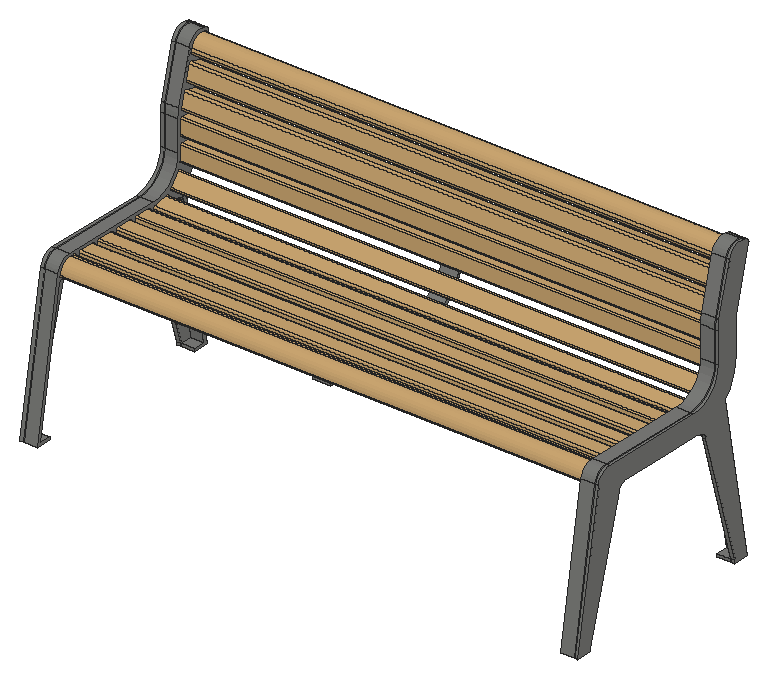
Revit family "L-FUR_벤치_DWB-100_데오스웍스", category 일반 모델, Revit 2019
Family settings
  보강 철근 호스트 가능 = 아니오
  원형 커넥터 치수 = 지름 사용
  부품 유형 = 보통
  작업 기준면 기반 = 아니오
  항상 수직 = 예
  로드될 때 보이드를 사용하여 절단 = 아니오
  공유 = 아니오
  룸 계산 점 = 아니오
Parameters
  한국산업규격KS = ""
  조달청표준공사코드-세부공종 = "24084144"
  건설정보분류체계-부위분류 = "E94335"
  LIM_INFO_주의사항 = "재배포, 재가공, 판매 금지"
  LIM_INFO_제품업체 = "예건"
  LIM_INFO_제품번호 = "YF-16"
  LIM_INFO_제품명 = "펜스_YF-16"
  LIM_INFO_제작일 = "2021.12."
  LIM_INFO_재료 = "Hardwood, STL-pipe, STL-plate"
  LIM_INFO_업체정보 = ""
  LIM_INFO_업체URL = "https://yekun.com/"
  LIM_INFO_업체TEL = "(+82)31-943-6114"
  LIM_INFO_업체EMAIL = "yekun@yekun.com"
  LIM_INFO_버전 = "2022_V01"
  LIM_INFO_기타정보 = ""
  LIM_INFO_규격 = "W2000 x H1800"
  LIM_INFO_가격 = 0
  LIM_INFO_PV_포장재여부 = yes
  LIM_INFO_PV_면적 = 0.00 m²
  KBIMS_식별-버전 = ""
  KBIMS_식별-bSK등록번호 = ""
  KBIMS_보급정보-저작자 = "림인포테크_MMJ"
  KBIMS_보급정보-보급코드 = ""
Reference planes
  plane 1 "중심(앞/뒤)": y = 0
  plane 2: z = 0
  plane 3 "중심(왼쪽/오른쪽)": x = 0
Dimensions and locks
  aligned and locked: level to plane 2
Nested families
  nested 1: "DWB-100_base" at (0, 0, 0), type "DWB-100_base"
Definition of nested family "DWB-100_base"
  Reference planes
    plane 1 "중심(앞/뒤)": y = 0
    plane 2: z = 0
    plane 3 "중심(왼쪽/오른쪽)": x = 0
  Forms (mm)
    Extrusion 1, solid, detail levels fine
      sketch origin (1600, 605.098, 0) x (0, -1, 0) y (0, 0, 1)
        loop
          line (42.972, 0) -> (42.972, 8) -> (146.061, 365.637)
          arc (146.061, 365.637) -> (156.89, 381.075) -> (174.792, 387.002) r 30
          line (174.792, 387.002) -> (300, 387.002) -> (431.306, 387.002)
          arc (431.306, 387.002) -> (449.208, 381.075) -> (460.037, 365.637) r 30
          line (460.037, 365.637) -> (562.126, 8) -> (562.126, 0) -> (605.098, 0) -> (531.324, 414.04)
          arc (531.324, 414.04) -> (517.319, 438.383) -> (490.933, 448.002) r 41
          line (490.933, 448.002) -> (189.002, 448.002)
          arc (189.002, 448.002) -> (126.782, 473.778) -> (101.019, 536.003) r 87.984
          line (101.019, 536.003) -> (101.018, 623.23)
          arc (101.018, 623.23) -> (100.615, 637.033) -> (98.406, 650.664) r 105.142
          line (98.406, 650.664) -> (61.286, 789.198)
          arc (61.286, 789.198) -> (42.183, 814.094) -> (11.071, 818.19) r 41
          line (11.071, 818.19) -> (2.378, 815.86)
          arc (2.378, 815.86) -> (-4.301, 810.735) -> (-5.4, 802.388) r 11
          line (-5.4, 802.388) -> (39.485, 634.876)
          arc (39.485, 634.876) -> (40.136, 629.07) -> (40.018, 623.23) r 44.329
          line (40.018, 623.23) -> (40.019, 536.008)
          arc (40.019, 536.008) -> (50.028, 482.3) -> (78.725, 435.811) r 148.984
          line (78.725, 435.811) -> (0, 0) -> (42.972, 0)
      from 0 to 10
    Extrusion 2, solid, detail levels fine
      sketch origin (1600, 605.098, 0) x (0, -1, 0) y (0, 0, 1)
        loop
          arc (53.543, 769.862) -> (56.579, 772.192) -> (57.079, 775.986) r 5
          line (57.079, 775.986) -> (54.49, 785.645)
          arc (54.49, 785.645) -> (38.183, 806.898) -> (11.624, 810.394) r 35
          arc (11.624, 810.394) -> (8.588, 808.064) -> (8.089, 804.27) r 5
          line (8.089, 804.27) -> (18.442, 765.633)
          arc (18.442, 765.633) -> (20.771, 762.597) -> (24.565, 762.098) r 5
          line (24.565, 762.098) -> (53.543, 769.862)
        loop
          line (41.906, 697.381) -> (70.884, 705.145)
          arc (70.884, 705.145) -> (73.92, 707.475) -> (74.42, 711.269) r 5
          line (74.42, 711.269) -> (64.067, 749.906)
          arc (64.067, 749.906) -> (61.737, 752.942) -> (57.943, 753.442) r 5
          line (57.943, 753.442) -> (28.965, 745.677)
          arc (28.965, 745.677) -> (25.929, 743.347) -> (25.43, 739.553) r 5
          line (25.43, 739.553) -> (35.782, 700.916)
          arc (35.782, 700.916) -> (38.112, 697.88) -> (41.906, 697.381) r 5
        loop
          line (59.247, 632.664) -> (88.225, 640.428)
          arc (88.225, 640.428) -> (91.261, 642.758) -> (91.76, 646.552) r 5
          line (91.76, 646.552) -> (81.408, 685.189)
          arc (81.408, 685.189) -> (79.078, 688.225) -> (75.284, 688.725) r 5
          line (75.284, 688.725) -> (46.306, 680.96)
          arc (46.306, 680.96) -> (43.27, 678.63) -> (42.771, 674.836) r 5
          line (42.771, 674.836) -> (53.123, 636.199)
          arc (53.123, 636.199) -> (55.453, 633.163) -> (59.247, 632.664) r 5
        loop
          line (60.018, 574.722) -> (90.018, 574.722)
          arc (90.018, 574.722) -> (93.554, 576.187) -> (95.018, 579.722) r 5
          line (95.018, 579.722) -> (95.018, 619.722)
          arc (95.018, 619.722) -> (93.554, 623.258) -> (90.018, 624.722) r 5
          line (90.018, 624.722) -> (60.018, 624.722)
          arc (60.018, 624.722) -> (56.483, 623.258) -> (55.018, 619.722) r 5
          line (55.018, 619.722) -> (55.018, 579.722)
          arc (55.018, 579.722) -> (56.483, 576.187) -> (60.018, 574.722) r 5
        loop
          line (60.903, 507.118) -> (90.897, 507.733)
          arc (90.897, 507.733) -> (94.402, 509.27) -> (95.794, 512.834) r 5
          line (95.794, 512.834) -> (94.974, 552.826)
          arc (94.974, 552.826) -> (93.437, 556.331) -> (89.872, 557.722) r 5
          line (89.872, 557.722) -> (59.878, 557.107)
          arc (59.878, 557.107) -> (56.374, 555.571) -> (54.982, 552.006) r 5
          line (54.982, 552.006) -> (55.802, 512.014)
          arc (55.802, 512.014) -> (57.339, 508.51) -> (60.903, 507.118) r 5
        loop
          line (103.557, 433.66) -> (127.293, 452.007)
          arc (127.293, 452.007) -> (129.194, 455.328) -> (128.191, 459.021) r 5
          line (128.191, 459.021) -> (103.728, 490.669)
          arc (103.728, 490.669) -> (100.407, 492.57) -> (96.714, 491.567) r 5
          line (96.714, 491.567) -> (72.978, 473.22)
          arc (72.978, 473.22) -> (71.077, 469.899) -> (72.08, 466.206) r 5
          line (72.08, 466.206) -> (96.543, 434.558)
          arc (96.543, 434.558) -> (99.864, 432.657) -> (103.557, 433.66) r 5
        loop
          line (184.986, 403.247) -> (191.109, 432.616)
          arc (191.109, 432.616) -> (190.397, 436.376) -> (187.235, 438.531) r 5
          line (187.235, 438.531) -> (148.077, 446.696)
          arc (148.077, 446.696) -> (144.317, 445.984) -> (142.162, 442.822) r 5
          line (142.162, 442.822) -> (136.038, 413.453)
          arc (136.038, 413.453) -> (136.75, 409.693) -> (139.912, 407.538) r 5
          line (139.912, 407.538) -> (179.07, 399.373)
          arc (179.07, 399.373) -> (182.83, 400.085) -> (184.986, 403.247) r 5
        loop
          line (258, 407.002) -> (258, 437.002)
          arc (258, 437.002) -> (256.536, 440.538) -> (253, 442.002) r 5
          line (253, 442.002) -> (213, 442.002)
          arc (213, 442.002) -> (209.464, 440.538) -> (208, 437.002) r 5
          line (208, 437.002) -> (208, 407.002)
          arc (208, 407.002) -> (209.464, 403.466) -> (213, 402.002) r 5
          line (213, 402.002) -> (253, 402.002)
          arc (253, 402.002) -> (256.536, 403.466) -> (258, 407.002) r 5
        loop
          line (325, 407.002) -> (325, 437.002)
          arc (325, 437.002) -> (323.536, 440.538) -> (320, 442.002) r 5
          line (320, 442.002) -> (280, 442.002)
          arc (280, 442.002) -> (276.464, 440.538) -> (275, 437.002) r 5
          line (275, 437.002) -> (275, 407.002)
          arc (275, 407.002) -> (276.464, 403.466) -> (280, 402.002) r 5
          line (280, 402.002) -> (320, 402.002)
          arc (320, 402.002) -> (323.536, 403.466) -> (325, 407.002) r 5
        loop
          line (392, 407.002) -> (392, 437.002)
          arc (392, 437.002) -> (390.536, 440.538) -> (387, 442.002) r 5
          line (387, 442.002) -> (347, 442.002)
          arc (347, 442.002) -> (343.464, 440.538) -> (342, 437.002) r 5
          line (342, 437.002) -> (342, 407.002)
          arc (342, 407.002) -> (343.464, 403.466) -> (347, 402.002) r 5
          line (347, 402.002) -> (387, 402.002)
          arc (387, 402.002) -> (390.536, 403.466) -> (392, 407.002) r 5
        loop
          line (409, 437.002) -> (409, 407.002)
          arc (409, 407.002) -> (410.464, 403.466) -> (414, 402.002) r 5
          line (414, 402.002) -> (454, 402.002)
          arc (454, 402.002) -> (457.536, 403.466) -> (459, 407.002) r 5
          line (459, 407.002) -> (459, 437.002)
          arc (459, 437.002) -> (457.536, 440.538) -> (454, 442.002) r 5
          line (454, 442.002) -> (414, 442.002)
          arc (414, 442.002) -> (410.464, 440.538) -> (409, 437.002) r 5
        loop
          line (476, 437.002) -> (476, 407.002)
          arc (476, 407.002) -> (477.464, 403.466) -> (481, 402.002) r 5
          line (481, 402.002) -> (521, 402.002)
          arc (521, 402.002) -> (524.536, 403.466) -> (526, 407.002) r 5
          arc (526, 407.002) -> (515.749, 431.751) -> (491, 442.002) r 35
          line (491, 442.002) -> (481, 442.002)
          arc (481, 442.002) -> (477.464, 440.538) -> (476, 437.002) r 5
      from 1550 to 50
    Extrusion 3, solid, detail levels fine
      sketch origin (1600, 605.098, 0) x (0, -1, 0) y (0, 0, 1)
        loop
          line (42.972, 0) -> (42.972, 8) -> (8.566, 8) -> (80.323, 405.413)
          arc (80.323, 405.413) -> (92.162, 420.242) -> (111.058, 418.507) r 20
          arc (111.058, 418.507) -> (148.297, 401.006) -> (189.002, 395.002) r 140.984
          line (189.002, 395.002) -> (523.49, 395.002)
          arc (523.49, 395.002) -> (526.695, 393.84) -> (528.41, 390.895) r 5
          line (528.41, 390.895) -> (596.532, 8) -> (562.126, 8) -> (562.126, 0) -> (605.098, 0) -> (531.324, 414.04)
          arc (531.324, 414.04) -> (517.319, 438.383) -> (490.933, 448.002) r 41
          line (490.933, 448.002) -> (189.002, 448.002)
          arc (189.002, 448.002) -> (126.782, 473.778) -> (101.019, 536.003) r 87.984
          line (101.019, 536.003) -> (101.018, 623.23)
          arc (101.018, 623.23) -> (100.615, 637.033) -> (98.406, 650.664) r 105.142
          line (98.406, 650.664) -> (61.286, 789.198)
          arc (61.286, 789.198) -> (42.183, 814.094) -> (11.071, 818.19) r 41
          line (11.071, 818.19) -> (2.378, 815.86)
          arc (2.378, 815.86) -> (-4.301, 810.735) -> (-5.4, 802.388) r 11
          line (-5.4, 802.388) -> (39.485, 634.876)
          arc (39.485, 634.876) -> (40.136, 629.07) -> (40.018, 623.23) r 44.329
          line (40.018, 623.23) -> (40.019, 536.008)
          arc (40.019, 536.008) -> (50.028, 482.3) -> (78.725, 435.811) r 148.984
          line (78.725, 435.811) -> (0, 0) -> (42.972, 0)
      from 10 to 50
    Extrusion 4, solid, detail levels fine
      sketch origin (0, 605.098, 0) x (0, -1, 0) y (0, 0, -1)
        loop
          line (42.972, 0) -> (0, 0) -> (78.725, -435.811)
          arc (78.725, -435.811) -> (50.028, -482.3) -> (40.019, -536.008) r 148.984
          line (40.019, -536.008) -> (40.018, -623.23)
          arc (40.018, -623.23) -> (40.136, -629.07) -> (39.485, -634.876) r 44.329
          line (39.485, -634.876) -> (-5.4, -802.388)
          arc (-5.4, -802.388) -> (-4.301, -810.735) -> (2.378, -815.86) r 11
          line (2.378, -815.86) -> (11.071, -818.19)
          arc (11.071, -818.19) -> (42.183, -814.094) -> (61.286, -789.198) r 41
          line (61.286, -789.198) -> (98.406, -650.664)
          arc (98.406, -650.664) -> (100.615, -637.033) -> (101.018, -623.23) r 105.142
          line (101.018, -623.23) -> (101.019, -536.003)
          arc (101.019, -536.003) -> (126.782, -473.778) -> (189.002, -448.002) r 87.984
          line (189.002, -448.002) -> (490.933, -448.002)
          arc (490.933, -448.002) -> (517.319, -438.383) -> (531.324, -414.04) r 41
          line (531.324, -414.04) -> (605.098, 0) -> (562.126, 0) -> (562.126, -8) -> (460.037, -365.637)
          arc (460.037, -365.637) -> (449.208, -381.075) -> (431.306, -387.002) r 30
          line (431.306, -387.002) -> (300, -387.002) -> (174.792, -387.002)
          arc (174.792, -387.002) -> (156.89, -381.075) -> (146.061, -365.637) r 30
          line (146.061, -365.637) -> (42.972, -8) -> (42.972, 0)
      from 0 to 10
    Extrusion 5, solid, detail levels fine
      sketch origin (0, 605.098, 0) x (0, -1, 0) y (0, 0, -1)
        loop
          line (42.972, 0) -> (0, 0) -> (78.725, -435.811)
          arc (78.725, -435.811) -> (50.028, -482.3) -> (40.019, -536.008) r 148.984
          line (40.019, -536.008) -> (40.018, -623.23)
          arc (40.018, -623.23) -> (40.136, -629.07) -> (39.485, -634.876) r 44.329
          line (39.485, -634.876) -> (-5.4, -802.388)
          arc (-5.4, -802.388) -> (-4.301, -810.735) -> (2.378, -815.86) r 11
          line (2.378, -815.86) -> (11.071, -818.19)
          arc (11.071, -818.19) -> (42.183, -814.094) -> (61.286, -789.198) r 41
          line (61.286, -789.198) -> (98.406, -650.664)
          arc (98.406, -650.664) -> (100.615, -637.033) -> (101.018, -623.23) r 105.142
          line (101.018, -623.23) -> (101.019, -536.003)
          arc (101.019, -536.003) -> (126.782, -473.778) -> (189.002, -448.002) r 87.984
          line (189.002, -448.002) -> (490.933, -448.002)
          arc (490.933, -448.002) -> (517.319, -438.383) -> (531.324, -414.04) r 41
          line (531.324, -414.04) -> (605.098, 0) -> (562.126, 0) -> (562.126, -8) -> (596.532, -8) -> (528.41, -390.895)
          arc (528.41, -390.895) -> (526.695, -393.84) -> (523.49, -395.002) r 5
          line (523.49, -395.002) -> (189.002, -395.002)
          arc (189.002, -395.002) -> (148.297, -401.006) -> (111.058, -418.507) r 140.984
          arc (111.058, -418.507) -> (92.162, -420.242) -> (80.323, -405.413) r 20
          line (80.323, -405.413) -> (8.566, -8) -> (42.972, -8) -> (42.972, 0)
      from 10 to 50
    Extrusion 6, solid, detail levels fine
      sketch origin (1600, 605.098, 0) x (0, -1, 0) y (0, 0, 1)
        loop
          arc (47.212, 636.947) -> (48.068, 630.115) -> (48.018, 623.23) r 52.28
          line (48.018, 623.23) -> (48.019, 535.984)
          arc (48.019, 535.984) -> (89.312, 436.295) -> (189.002, 395.002) r 140.984
          line (189.002, 395.002) -> (523.49, 395.002) -> (523.49, 402.002) -> (189.002, 402.002)
          arc (189.002, 402.002) -> (98.6, 437.097) -> (55.556, 523.997) r 133.984
          line (55.556, 523.997) -> (55.019, 550.218) -> (55.018, 629.065) -> (9.602, 798.56) -> (4.289, 797.137) -> (47.212, 636.947)
      from 775 to 825
    Extrusion 7, solid, detail levels coarse+medium
      sketch origin (1600, 605.098, 0) x (0, -1, 0) y (0, 0, 1)
        loop
          line (42.972, 0) -> (42.972, 8) -> (146.061, 365.637)
          arc (146.061, 365.637) -> (156.89, 381.075) -> (174.792, 387.002) r 30
          line (174.792, 387.002) -> (300, 387.002) -> (431.306, 387.002)
          arc (431.306, 387.002) -> (449.208, 381.075) -> (460.037, 365.637) r 30
          line (460.037, 365.637) -> (562.126, 8) -> (562.126, 0) -> (605.098, 0) -> (531.324, 414.04)
          arc (531.324, 414.04) -> (517.319, 438.383) -> (490.933, 448.002) r 41
          line (490.933, 448.002) -> (189.002, 448.002)
          arc (189.002, 448.002) -> (126.782, 473.778) -> (101.019, 536.003) r 87.984
          line (101.019, 536.003) -> (101.018, 623.23)
          arc (101.018, 623.23) -> (100.615, 637.033) -> (98.406, 650.664) r 105.142
          line (98.406, 650.664) -> (61.286, 789.198)
          arc (61.286, 789.198) -> (42.183, 814.094) -> (11.071, 818.19) r 41
          line (11.071, 818.19) -> (2.378, 815.86)
          arc (2.378, 815.86) -> (-4.301, 810.735) -> (-5.4, 802.388) r 11
          line (-5.4, 802.388) -> (39.485, 634.876)
          arc (39.485, 634.876) -> (40.136, 629.07) -> (40.018, 623.23) r 44.329
          line (40.018, 623.23) -> (40.019, 536.008)
          arc (40.019, 536.008) -> (50.028, 482.3) -> (78.725, 435.811) r 148.984
          line (78.725, 435.811) -> (0, 0) -> (42.972, 0)
      from 0 to 50
    Extrusion 8, solid, detail levels coarse+medium
      sketch origin (1600, 605.098, 0) x (0, -1, 0) y (0, 0, 1)
        loop
          arc (53.543, 769.862) -> (56.579, 772.192) -> (57.079, 775.986) r 5
          line (57.079, 775.986) -> (54.49, 785.645)
          arc (54.49, 785.645) -> (38.183, 806.898) -> (11.624, 810.394) r 35
          arc (11.624, 810.394) -> (8.588, 808.064) -> (8.089, 804.27) r 5
          line (8.089, 804.27) -> (18.442, 765.633)
          arc (18.442, 765.633) -> (20.771, 762.597) -> (24.565, 762.098) r 5
          line (24.565, 762.098) -> (53.543, 769.862)
        loop
          line (41.906, 697.381) -> (70.884, 705.145)
          arc (70.884, 705.145) -> (73.92, 707.475) -> (74.42, 711.269) r 5
          line (74.42, 711.269) -> (64.067, 749.906)
          arc (64.067, 749.906) -> (61.737, 752.942) -> (57.943, 753.442) r 5
          line (57.943, 753.442) -> (28.965, 745.677)
          arc (28.965, 745.677) -> (25.929, 743.347) -> (25.43, 739.553) r 5
          line (25.43, 739.553) -> (35.782, 700.916)
          arc (35.782, 700.916) -> (38.112, 697.88) -> (41.906, 697.381) r 5
        loop
          line (59.247, 632.664) -> (88.225, 640.428)
          arc (88.225, 640.428) -> (91.261, 642.758) -> (91.76, 646.552) r 5
          line (91.76, 646.552) -> (81.408, 685.189)
          arc (81.408, 685.189) -> (79.078, 688.225) -> (75.284, 688.725) r 5
          line (75.284, 688.725) -> (46.306, 680.96)
          arc (46.306, 680.96) -> (43.27, 678.63) -> (42.771, 674.836) r 5
          line (42.771, 674.836) -> (53.123, 636.199)
          arc (53.123, 636.199) -> (55.453, 633.163) -> (59.247, 632.664) r 5
        loop
          line (60.018, 574.722) -> (90.018, 574.722)
          arc (90.018, 574.722) -> (93.554, 576.187) -> (95.018, 579.722) r 5
          line (95.018, 579.722) -> (95.018, 619.722)
          arc (95.018, 619.722) -> (93.554, 623.258) -> (90.018, 624.722) r 5
          line (90.018, 624.722) -> (60.018, 624.722)
          arc (60.018, 624.722) -> (56.483, 623.258) -> (55.018, 619.722) r 5
          line (55.018, 619.722) -> (55.018, 579.722)
          arc (55.018, 579.722) -> (56.483, 576.187) -> (60.018, 574.722) r 5
        loop
          line (60.903, 507.118) -> (90.897, 507.733)
          arc (90.897, 507.733) -> (94.402, 509.27) -> (95.794, 512.834) r 5
          line (95.794, 512.834) -> (94.974, 552.826)
          arc (94.974, 552.826) -> (93.437, 556.331) -> (89.872, 557.722) r 5
          line (89.872, 557.722) -> (59.878, 557.107)
          arc (59.878, 557.107) -> (56.374, 555.571) -> (54.982, 552.006) r 5
          line (54.982, 552.006) -> (55.802, 512.014)
          arc (55.802, 512.014) -> (57.339, 508.51) -> (60.903, 507.118) r 5
        loop
          line (103.557, 433.66) -> (127.293, 452.007)
          arc (127.293, 452.007) -> (129.194, 455.328) -> (128.191, 459.021) r 5
          line (128.191, 459.021) -> (103.728, 490.669)
          arc (103.728, 490.669) -> (100.407, 492.57) -> (96.714, 491.567) r 5
          line (96.714, 491.567) -> (72.978, 473.22)
          arc (72.978, 473.22) -> (71.077, 469.899) -> (72.08, 466.206) r 5
          line (72.08, 466.206) -> (96.543, 434.558)
          arc (96.543, 434.558) -> (99.864, 432.657) -> (103.557, 433.66) r 5
        loop
          line (184.986, 403.247) -> (191.109, 432.616)
          arc (191.109, 432.616) -> (190.397, 436.376) -> (187.235, 438.531) r 5
          line (187.235, 438.531) -> (148.077, 446.696)
          arc (148.077, 446.696) -> (144.317, 445.984) -> (142.162, 442.822) r 5
          line (142.162, 442.822) -> (136.038, 413.453)
          arc (136.038, 413.453) -> (136.75, 409.693) -> (139.912, 407.538) r 5
          line (139.912, 407.538) -> (179.07, 399.373)
          arc (179.07, 399.373) -> (182.83, 400.085) -> (184.986, 403.247) r 5
        loop
          line (258, 407.002) -> (258, 437.002)
          arc (258, 437.002) -> (256.536, 440.538) -> (253, 442.002) r 5
          line (253, 442.002) -> (213, 442.002)
          arc (213, 442.002) -> (209.464, 440.538) -> (208, 437.002) r 5
          line (208, 437.002) -> (208, 407.002)
          arc (208, 407.002) -> (209.464, 403.466) -> (213, 402.002) r 5
          line (213, 402.002) -> (253, 402.002)
          arc (253, 402.002) -> (256.536, 403.466) -> (258, 407.002) r 5
        loop
          line (325, 407.002) -> (325, 437.002)
          arc (325, 437.002) -> (323.536, 440.538) -> (320, 442.002) r 5
          line (320, 442.002) -> (280, 442.002)
          arc (280, 442.002) -> (276.464, 440.538) -> (275, 437.002) r 5
          line (275, 437.002) -> (275, 407.002)
          arc (275, 407.002) -> (276.464, 403.466) -> (280, 402.002) r 5
          line (280, 402.002) -> (320, 402.002)
          arc (320, 402.002) -> (323.536, 403.466) -> (325, 407.002) r 5
        loop
          line (392, 407.002) -> (392, 437.002)
          arc (392, 437.002) -> (390.536, 440.538) -> (387, 442.002) r 5
          line (387, 442.002) -> (347, 442.002)
          arc (347, 442.002) -> (343.464, 440.538) -> (342, 437.002) r 5
          line (342, 437.002) -> (342, 407.002)
          arc (342, 407.002) -> (343.464, 403.466) -> (347, 402.002) r 5
          line (347, 402.002) -> (387, 402.002)
          arc (387, 402.002) -> (390.536, 403.466) -> (392, 407.002) r 5
        loop
          line (409, 437.002) -> (409, 407.002)
          arc (409, 407.002) -> (410.464, 403.466) -> (414, 402.002) r 5
          line (414, 402.002) -> (454, 402.002)
          arc (454, 402.002) -> (457.536, 403.466) -> (459, 407.002) r 5
          line (459, 407.002) -> (459, 437.002)
          arc (459, 437.002) -> (457.536, 440.538) -> (454, 442.002) r 5
          line (454, 442.002) -> (414, 442.002)
          arc (414, 442.002) -> (410.464, 440.538) -> (409, 437.002) r 5
        loop
          line (476, 437.002) -> (476, 407.002)
          arc (476, 407.002) -> (477.464, 403.466) -> (481, 402.002) r 5
          line (481, 402.002) -> (521, 402.002)
          arc (521, 402.002) -> (524.536, 403.466) -> (526, 407.002) r 5
          arc (526, 407.002) -> (515.749, 431.751) -> (491, 442.002) r 35
          line (491, 442.002) -> (481, 442.002)
          arc (481, 442.002) -> (477.464, 440.538) -> (476, 437.002) r 5
      from 1550 to 50
    Extrusion 9, solid, detail levels coarse+medium
      sketch origin (0, 605.098, 0) x (0, -1, 0) y (0, 0, -1)
        loop
          line (42.972, 0) -> (0, 0) -> (78.725, -435.811)
          arc (78.725, -435.811) -> (50.028, -482.3) -> (40.019, -536.008) r 148.984
          line (40.019, -536.008) -> (40.018, -623.23)
          arc (40.018, -623.23) -> (40.136, -629.07) -> (39.485, -634.876) r 44.329
          line (39.485, -634.876) -> (-5.4, -802.388)
          arc (-5.4, -802.388) -> (-4.301, -810.735) -> (2.378, -815.86) r 11
          line (2.378, -815.86) -> (11.071, -818.19)
          arc (11.071, -818.19) -> (42.183, -814.094) -> (61.286, -789.198) r 41
          line (61.286, -789.198) -> (98.406, -650.664)
          arc (98.406, -650.664) -> (100.615, -637.033) -> (101.018, -623.23) r 105.142
          line (101.018, -623.23) -> (101.019, -536.003)
          arc (101.019, -536.003) -> (126.782, -473.778) -> (189.002, -448.002) r 87.984
          line (189.002, -448.002) -> (490.933, -448.002)
          arc (490.933, -448.002) -> (517.319, -438.383) -> (531.324, -414.04) r 41
          line (531.324, -414.04) -> (605.098, 0) -> (562.126, 0) -> (562.126, -8) -> (460.037, -365.637)
          arc (460.037, -365.637) -> (449.208, -381.075) -> (431.306, -387.002) r 30
          line (431.306, -387.002) -> (300, -387.002) -> (174.792, -387.002)
          arc (174.792, -387.002) -> (156.89, -381.075) -> (146.061, -365.637) r 30
          line (146.061, -365.637) -> (42.972, -8) -> (42.972, 0)
      from 0 to 50
    Extrusion 10, solid, detail levels coarse+medium
      sketch origin (1600, 605.098, 0) x (0, -1, 0) y (0, 0, 1)
        loop
          arc (47.212, 636.947) -> (48.068, 630.115) -> (48.018, 623.23) r 52.28
          line (48.018, 623.23) -> (48.019, 535.984)
          arc (48.019, 535.984) -> (89.312, 436.295) -> (189.002, 395.002) r 140.984
          line (189.002, 395.002) -> (523.49, 395.002) -> (523.49, 402.002) -> (189.002, 402.002)
          arc (189.002, 402.002) -> (98.6, 437.097) -> (55.556, 523.997) r 133.984
          line (55.556, 523.997) -> (55.019, 550.218) -> (55.018, 629.065) -> (9.602, 798.56) -> (4.289, 797.137) -> (47.212, 636.947)
      from 775 to 825
  Dimensions and locks
    aligned and locked: level to plane 2
